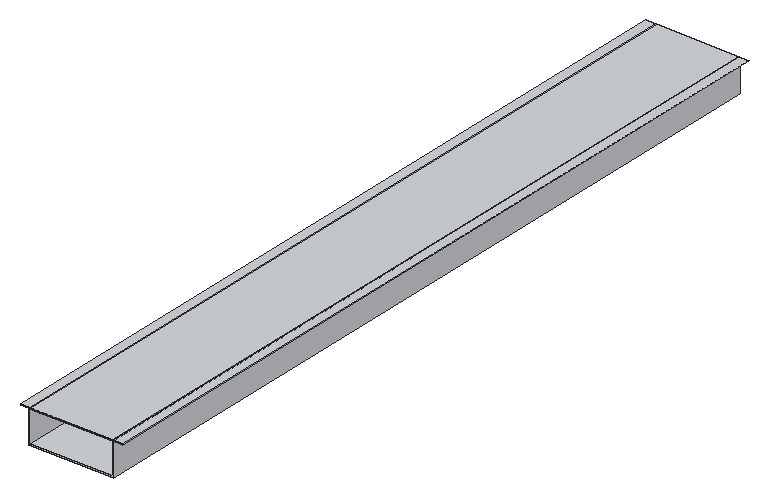
Revit family "Bürstenleisten-Kanalsystem OKB_Einspeisekanal OKB_ohne_Nivelliereinheiten", category Generic Models, Revit 2015
Parameters (values of type "OKB E 25085 ON")
  Width = 211 mm
  URL = "http://www.obo-bettermann.com"
  Material = Steel, Galvanized
  Manufacturer Art. No. = "7403811"
  Manufacturer = "OBO Bettermann"
  Lenght [instance] = 2000 mm
  Height = 85 mm
  GTIN = "4012195845942"
  Article Type = "OKB E 25085 ON"
Reference planes
  plane 1 "Center (Front/Back)": y = 0
  plane 2: z = 0
  plane 3 "Center (Left/Right)": x = 0
  plane 4: x = 107.5
  plane 5: x = -107.5
  plane 6: z = 85
  plane 7: z = 82
  plane 8: x = -105.5
  plane 9: x = 105.5
  plane 10: z = 2
  plane 11: z = 83
  plane 12: y = -2000
Forms (mm)
  Extrusion 1, solid
    sketch origin (0, 0, 0) x (1, 0, 0) y (0, 0, 1)
      loop
        line (-107.5, 83) -> (-107.5, 0) -> (107.5, 0) -> (107.5, 83) -> (130.5, 83) -> (130.5, 85) -> (105.5, 85) -> (105.5, 2) -> (-105.5, 2) -> (-105.5, 85) -> (-130.5, 85) -> (-130.5, 83) -> (-107.5, 83)
    from 0 to 2000 <- "Lenght"
  Extrusion 2, solid
    sketch origin (0, 0, 0) x (1, 0, 0) y (0, 0, 1)
      loop
        line (105.5, 85) -> (-105.5, 85) -> (-105.5, 82) -> (105.5, 82) -> (105.5, 85)
    from 0 to 2000
Lines and regions (mm)
  model lines
    curve 1: line (107.5, 0, 0) -> (107.5, 0, 83)
    curve 2: line (105.5, 0, 85) -> (105.5, 0, 2)
    curve 3: line (-107.5, 0, 83) -> (-107.5, 0, 0)
    curve 4: line (-105.5, 0, 82) -> (105.5, 0, 82)
    curve 5: line (105.5, 0, 85) -> (-105.5, 0, 85)
    curve 6: line (-107.5, 0, 83) -> (-130.5, 0, 83)
    curve 7: line (-130.5, 0, 85) -> (-105.5, 0, 85)
    curve 8: line (-105.5, 0, 85) -> (-105.5, 0, 2)
    curve 9: line (107.5, 0, 83) -> (130.5, 0, 83)
    curve 10: line (130.5, 0, 83) -> (130.5, 0, 85)
    curve 11: line (130.5, 0, 85) -> (105.5, 0, 85)
    curve 12: line (-130.5, 0, 85) -> (-130.5, 0, 83)
    curve 13: line (-105.5, 0, 2) -> (105.5, 0, 2)
    curve 14: line (107.5, 0, 0) -> (-107.5, 0, 0)
Dimensions and locks
  locked: level to plane 10 at 2
  locked: plane 7 to plane 6 at 3
  locked: plane 11 to plane 6 at 2
  locked: plane 9 to plane 4 at 2
  locked: plane 5 to plane 8 at 2
  locked: plane 4 to curve 10 at 23
  "Height": level to plane 6
  "Lenght": plane 1 "Center (Front/Back)" to plane 12
  plane 5 to curve 12 = 23 mm
  equal spacing: plane 5, plane 3 "Center (Left/Right)", plane 4
  "Width": plane 8 to plane 9
  aligned and locked: level to plane 2
  aligned and locked: curve 1 to plane 4
  aligned and locked: plane 9 to curve 2
  aligned and locked: plane 5 to curve 3
  aligned and locked: curve 4 to plane 7
  aligned and locked: plane 11 to curve 6
  aligned and locked: curve 7 to plane 6
  aligned and locked: curve 9 to plane 11
  aligned and locked: curve 13 to plane 10
  aligned and locked: plane 2 to curve 14
  aligned and locked: Extrusion 1 sketch curve to curve 6
  aligned and locked: Extrusion 1 sketch curve to curve 12
  aligned and locked: Extrusion 1 sketch curve to curve 7
  aligned and locked: Extrusion 1 sketch curve to curve 3
  aligned and locked: Extrusion 1 sketch curve to curve 8
  aligned and locked: Extrusion 1 sketch curve to curve 14
  aligned and locked: Extrusion 1 sketch curve to curve 13
  aligned and locked: Extrusion 1 sketch curve to curve 2
  aligned and locked: Extrusion 1 sketch curve to curve 1
  aligned and locked: Extrusion 1 sketch curve to curve 11
  aligned and locked: Extrusion 1 sketch curve to curve 9
  aligned and locked: Extrusion 1 sketch curve to curve 10
  aligned and locked: Extrusion 2 sketch curve to curve 5
  aligned and locked: Extrusion 2 sketch curve to curve 4
  aligned and locked: Extrusion 2 sketch curve to curve 2
  aligned and locked: Extrusion 2 sketch curve to curve 8
  aligned and locked: Extrusion 2 to plane 12
  aligned and locked: plane 8 to curve 8
